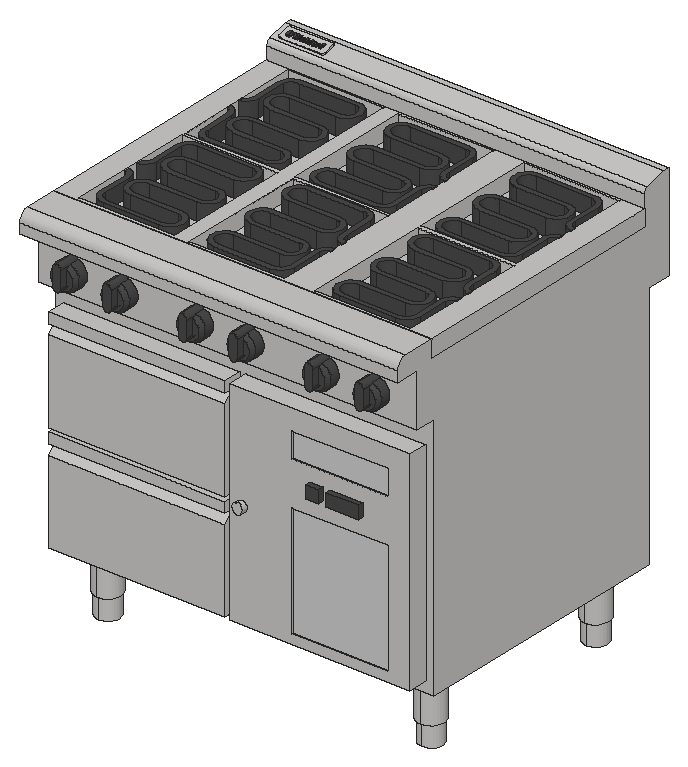
Revit family "QF_MOFFAT WALDORF_RNL8600E-RB", category Specialty Equipment, Revit 2012 (continued)
Automatic sketch dimensions
  Extrusion 1 to Split face 5 sketch curve = 5.177 mm
  Split face 5 sketch curve to Extrusion 1 = 9.153 mm
  Split face 5 sketch curve to Extrusion 1 = 354.563 mm
  Split face 5 sketch curve to Split face 5 sketch curve = 20.0 mm
  Extrusion 1 to Split face 6 sketch curve = 5.177 mm
  Split face 6 sketch curve to Extrusion 1 = 9.153 mm
  Split face 6 sketch curve to Extrusion 1 = 404.563 mm
  Split face 6 sketch curve to Split face 6 sketch curve = 20.0 mm
  Extrusion 1 to Split face 7 sketch curve = 5.177 mm
  Split face 7 sketch curve to Extrusion 1 = 9.153 mm
  Split face 7 sketch curve to Extrusion 1 = 445.437 mm
  Split face 7 sketch curve to Split face 7 sketch curve = 20.0 mm
  Extrusion 1 to Split face 8 sketch curve = 5.177 mm
  Split face 8 sketch curve to Extrusion 1 = 9.153 mm
  Split face 8 sketch curve to Extrusion 1 = 395.437 mm
  Split face 8 sketch curve to Split face 8 sketch curve = 20.0 mm
  Extrusion 1 to Split face 9 sketch curve = 5.177 mm
  Split face 9 sketch curve to Extrusion 1 = 9.153 mm
  Split face 9 sketch curve to Extrusion 1 = 345.437 mm
  Split face 9 sketch curve to Split face 9 sketch curve = 20.0 mm
  Extrusion 1 to Split face 10 sketch curve = 5.177 mm
  Split face 10 sketch curve to Extrusion 1 = 9.153 mm
  Split face 10 sketch curve to Extrusion 1 = 295.437 mm
  Split face 10 sketch curve to Split face 10 sketch curve = 20.0 mm
  Extrusion 1 to Split face 11 sketch curve = 5.177 mm
  Split face 11 sketch curve to Extrusion 1 = 9.153 mm
  Split face 11 sketch curve to Extrusion 1 = 245.437 mm
  Split face 11 sketch curve to Split face 11 sketch curve = 20.0 mm
  Extrusion 1 to Split face 12 sketch curve = 5.177 mm
  Split face 12 sketch curve to Extrusion 1 = 9.153 mm
  Split face 12 sketch curve to Extrusion 1 = 195.437 mm
  Split face 12 sketch curve to Split face 12 sketch curve = 20.0 mm
  Extrusion 14 sketch curve to Extrusion 1 = 0.0 mm  (x2)
  Extrusion 1 to Extrusion 14 sketch curve = 0.0 mm
  Extrusion 14 sketch curve to Extrusion 1 = 6.75 mm  (x3)
  Extrusion 14 sketch curve to Extrusion 14 sketch curve = 306.95 mm
  Extrusion 1 to Extrusion 14 sketch curve = 54.0 mm  (x2)
  Extrusion 14 sketch curve to Extrusion 14 sketch curve = 0.0 mm  (x6)
  Extrusion 14 sketch curve to Extrusion 14 sketch curve = 7.6 mm  (x3)
  Extrusion 1 to Extrusion 14 sketch curve = 6.75 mm  (x3)
  Extrusion 1 to Extrusion 14 sketch curve = 1.0 mm
  Extrusion 14 sketch curve to Extrusion 14 sketch curve = 228.75 mm  (x3)
  Extrusion 14 sketch curve to Extrusion 14 sketch curve = 34.5 mm
  Extrusion 14 sketch curve to Extrusion 14 sketch curve = 71.25 mm  (x2)
  Extrusion 15 sketch curve to Extrusion 15 sketch curve = 0.0 mm  (x104)
  Extrusion 1 to Extrusion 15 sketch curve = 20.503 mm  (x3)
  Extrusion 15 sketch curve to Extrusion 15 sketch curve = 11.997 mm  (x6)
  Extrusion 15 sketch curve to Extrusion 15 sketch curve = 19.532 mm  (x6)
  Extrusion 15 sketch curve to Extrusion 15 sketch curve = 0.24 mm  (x6)
  Extrusion 15 sketch curve to Extrusion 15 sketch curve = 0.931 mm  (x10)
  Extrusion 15 sketch curve to Extrusion 15 sketch curve = 0.01 mm  (x6)
  Extrusion 15 sketch curve to Extrusion 15 sketch curve = 21.7 mm  (x30)
  Extrusion 15 sketch curve to Extrusion 15 sketch curve = 0.002 mm  (x6)
  Extrusion 15 sketch curve to Extrusion 15 sketch curve = 70.811 mm  (x6)
  Extrusion 15 sketch curve to Extrusion 15 sketch curve = 0.447 mm  (x6)
  Extrusion 15 sketch curve to Extrusion 15 sketch curve = 0.12 mm  (x6)
  Extrusion 15 sketch curve to Extrusion 15 sketch curve = 19.01 mm  (x6)
  Extrusion 15 sketch curve to Extrusion 15 sketch curve = 12.303 mm  (x6)
  Extrusion 15 sketch curve to Extrusion 15 sketch curve = 21.593 mm  (x6)
  Extrusion 15 sketch curve to Extrusion 15 sketch curve = 12.315 mm  (x6)
  Extrusion 15 sketch curve to Extrusion 15 sketch curve = 18.52 mm  (x6)
  Extrusion 15 sketch curve to Extrusion 15 sketch curve = 0.133 mm  (x6)
  Extrusion 15 sketch curve to Extrusion 15 sketch curve = 0.5 mm  (x2)
  Extrusion 15 sketch curve to Extrusion 15 sketch curve = 19.152 mm  (x4)
  Extrusion 15 sketch curve to Extrusion 15 sketch curve = 20.704 mm  (x8)
  Extrusion 15 sketch curve to Extrusion 15 sketch curve = 0.239 mm  (x6)
  Extrusion 15 sketch curve to Extrusion 15 sketch curve = 16.003 mm  (x3)
  Extrusion 1 to Extrusion 15 sketch curve = 48.333 mm  (x2)
  Extrusion 1 to Extrusion 15 sketch curve = 48.512 mm  (x2)
  Extrusion 15 sketch curve to Extrusion 15 sketch curve = 0.004 mm  (x2)
  Extrusion 15 sketch curve to Extrusion 15 sketch curve = 5.484 mm  (x2)
  Extrusion 15 sketch curve to Extrusion 15 sketch curve = 5.667 mm  (x2)
  Extrusion 15 sketch curve to Extrusion 15 sketch curve = 20.701 mm  (x4)
  Extrusion 15 sketch curve to Extrusion 15 sketch curve = 0.001 mm  (x6)
  Extrusion 15 sketch curve to Extrusion 15 sketch curve = 41.7 mm  (x2)
  Extrusion 15 sketch curve to Extrusion 15 sketch curve = 20.999 mm
  Extrusion 15 sketch curve to Extrusion 15 sketch curve = 112.6 mm  (x5)
  Extrusion 15 sketch curve to Extrusion 15 sketch curve = 130.8 mm  (x2)
  Extrusion 15 sketch curve to Extrusion 15 sketch curve = 19.862 mm  (x4)
  Extrusion 15 sketch curve to Extrusion 15 sketch curve = 0.032 mm  (x2)
  Extrusion 15 sketch curve to Extrusion 15 sketch curve = 19.894 mm  (x2)
  Extrusion 15 sketch curve to Extrusion 15 sketch curve = 0.226 mm  (x4)
  Extrusion 15 sketch curve to Extrusion 15 sketch curve = 0.258 mm  (x4)
  Extrusion 15 sketch curve to Extrusion 15 sketch curve = 0.879 mm  (x8)
  Extrusion 15 sketch curve to Extrusion 15 sketch curve = 14.293 mm
  Extrusion 15 sketch curve to Extrusion 15 sketch curve = 133.7 mm
  Extrusion 15 sketch curve to Extrusion 15 sketch curve = 133.693 mm  (x2)
  Revolve 16 sketch curve to plane 9 "Base Height" = 0.0 mm
  Revolve 16 sketch curve to level = 0.0 mm
  level to Revolve 16 sketch curve = 50.0 mm
  plane 1 "BACK" to Revolve 16 sketch curve = 166.75 mm
  Revolve 16 sketch curve to Revolve 16 sketch curve = 4.25 mm
  Revolve 16 sketch curve to Revolve 16 sketch curve = 27.5 mm  (x2)
  Revolve 16 sketch curve to Revolve 16 sketch curve = 55.0 mm
  Revolve 16 sketch curve to Revolve 16 sketch curve = 0.0 mm
  Revolve 17 sketch curve to plane 9 "Base Height" = 0.0 mm
  Revolve 17 sketch curve to level = 0.0 mm
  level to Revolve 17 sketch curve = 50.0 mm
  Revolve 17 sketch curve to plane 5 "FRONT" = 148.25 mm
  Revolve 17 sketch curve to Revolve 17 sketch curve = 4.25 mm
  Revolve 17 sketch curve to Revolve 17 sketch curve = 27.5 mm  (x2)
  Revolve 17 sketch curve to Revolve 17 sketch curve = 55.0 mm
  Revolve 17 sketch curve to Revolve 17 sketch curve = 0.0 mm
  Revolve 18 sketch curve to plane 9 "Base Height" = 0.0 mm
  Revolve 18 sketch curve to level = 0.0 mm
  level to Revolve 18 sketch curve = 50.0 mm
  plane 1 "BACK" to Revolve 18 sketch curve = 166.75 mm
  Revolve 18 sketch curve to Revolve 18 sketch curve = 4.25 mm
  Revolve 18 sketch curve to Revolve 18 sketch curve = 27.5 mm  (x2)
  Revolve 18 sketch curve to Revolve 18 sketch curve = 0.0 mm
  Revolve 18 sketch curve to Revolve 18 sketch curve = 55.0 mm
  Revolve 19 sketch curve to plane 9 "Base Height" = 0.0 mm
  Revolve 19 sketch curve to level = 0.0 mm
  level to Revolve 19 sketch curve = 50.0 mm
  Revolve 19 sketch curve to plane 5 "FRONT" = 148.25 mm
  Revolve 19 sketch curve to Revolve 19 sketch curve = 4.25 mm
  Revolve 19 sketch curve to Revolve 19 sketch curve = 27.5 mm  (x2)
  Revolve 19 sketch curve to Revolve 19 sketch curve = 0.0 mm
  Revolve 19 sketch curve to Revolve 19 sketch curve = 55.0 mm
  Extrusion 22 sketch curve to Extrusion 21 = 34.46 mm  (x2)
  Extrusion 22 sketch curve to Extrusion 22 sketch curve = 30.0 mm  (x2)
  Extrusion 22 sketch curve to Extrusion 22 sketch curve = 0.0 mm
  Extrusion 21 to Extrusion 22 sketch curve = 43.926 mm
  Extrusion 22 sketch curve to Extrusion 22 sketch curve = 17.577 mm
  Extrusion 21 to Extrusion 22 sketch curve = 60.185 mm
  Extrusion 21 to Extrusion 23 sketch curve = 39.229 mm
  Extrusion 23 sketch curve to Extrusion 21 = 27.856 mm
  Extrusion 24 sketch curve to Extrusion 21 = 0.0 mm  (x6)
  Extrusion 21 to Extrusion 24 sketch curve = 0.0 mm  (x2)
  Extrusion 1 to Extrusion 21 sketch curve = 59.5 mm
  Extrusion 1 to Extrusion 21 sketch curve = 107.0 mm
  Extrusion 21 sketch curve to Extrusion 21 sketch curve = 60.0 mm
  Extrusion 21 sketch curve to Extrusion 21 sketch curve = 104.0 mm
  Extrusion 1 to Extrusion 21 sketch curve = 49.0 mm
  Extrusion 1 to Extrusion 21 sketch curve = 26.5 mm
  Extrusion 1 to Extrusion 21 sketch curve = 447.0 mm
  Extrusion 21 sketch curve to Extrusion 21 sketch curve = 148.0 mm
  Extrusion 21 sketch curve to Extrusion 21 sketch curve = 0.0 mm
  Extrusion 1 to Extrusion 21 sketch curve = 69.0 mm  (x2)
  Extrusion 1 to Extrusion 21 sketch curve = 19.0 mm
  Extrusion 1 sketch curve to plane 5 "FRONT" = 0.0 mm
  Extrusion 1 sketch curve to plane 10 = 0.0 mm
  Extrusion 1 sketch curve to plane 9 "Base Height" = 0.0 mm
  Extrusion 1 sketch curve to plane 6 "TOP" = 0.0 mm
  plane 1 "BACK" to Extrusion 1 sketch curve = 59.0 mm
  Extrusion 1 sketch curve to plane 5 "FRONT" = 24.0 mm
  Extrusion 1 sketch curve to plane 5 "FRONT" = 56.0 mm
  Extrusion 1 sketch curve to Extrusion 1 sketch curve = 44.0 mm
  Extrusion 1 sketch curve to Extrusion 1 sketch curve = 50.0 mm
  Extrusion 1 sketch curve to plane 6 "TOP" = 12.354 mm
  Extrusion 1 sketch curve to Extrusion 1 sketch curve = 8.894 mm
  Extrusion 1 sketch curve to Extrusion 1 sketch curve = 2.106 mm
  Extrusion 1 sketch curve to Extrusion 1 sketch curve = 3.106 mm
  plane 1 "BACK" to Extrusion 1 sketch curve = 15.0 mm
  Extrusion 1 sketch curve to Extrusion 1 sketch curve = 151.0 mm
  Extrusion 1 sketch curve to Extrusion 1 sketch curve = 25.0 mm
  Extrusion 1 sketch curve to plane 10 = 40.0 mm
  Extrusion 1 sketch curve to Extrusion 1 sketch curve = 126.0 mm
  Extrusion 1 sketch curve to plane 1 "BACK" = 0.0 mm
  Extrusion 20 sketch curve to Extrusion 1 = 20.313 mm
  Extrusion 20 sketch curve to Extrusion 1 = 143.724 mm
  radius of Extrusion 23 sketch curve = 12.395 mm
  radius of Extrusion 20 sketch curve = 6.35 mm
Nested families
  nested 1: "RNL8600E-RB-CASTERS" at (65, -135, 0), Show Casters <- "Show Casters", visible <- "Show Casters", type "RNL8600E-RB-CASTERS"
    with Type Mark "", Status "", Specification by User "", Show Casters no, Revision Code "", Item Number "", Installed By "", Identify Quantity as Lot yes, Furnished By "", Foodservice Equipment Identifier yes
  nested 2: "RNL8600E-RB-CASTERS" at (835, -135, 0), Show Casters <- "Show Casters", visible <- "Show Casters", type "RNL8600E-RB-CASTERS"
    with Type Mark "", Status "", Specification by User "", Show Casters no, Revision Code "", Item Number "", Installed By "", Identify Quantity as Lot yes, Furnished By "", Foodservice Equipment Identifier yes
  nested 3: "RNL8600E-RB-DOOR AND DRAWER" at (19, -699, 176.5), Show Door <- "Show Door", Show Drawer <- "Drawer", Drawer Clearance <- "Drawer Clearance", Door Clearance <- "Door Clearance", type "RNL8600E-RB-DOOR AND DRAWER"
    with Type Mark "", Status "", Specification by User "", Show Drawer yes, Show Door no, Revision Code "", Item Number "", Installed By "", Identify Quantity as Lot yes, Furnished By "", Foodservice Equipment Identifier yes, Drawer Clearance yes, Door Clearance no
  nested 4: "WALDORF LOGO_FACE BASE" at (12.043, -20.088, 968.637) x (1, 0, 0) z (0, -0.2588, 0.9659), visible <- "Show Logo", type "WALDORF LOGO_FACE BASE", detail levels medium+fine
    with Show Logo yes
Connectors
  electrical at (756.276, -38.687, 738.4), driven by "Volts", driven by "Watts"
    settings: on Extrusion 20, index 1, voltage 415 V, apparent load 14400 VA, apparent load phase1 0 VA, apparent load phase2 0 VA, apparent load phase3 0 VA, power factor 1, load classification "Other", number of poles 1, system type 30, power factor state 1, is connector primary yes, connector utility no, sub classification motor no, connector description "ELECTRICAL CONNECTION"
Definition of nested family "RNL8600E-RB-DOOR AND DRAWER"
  Parameters (values of type "GP8900G-RB-DOOR AND DRAWER")
    Weight in Pounds = 0
    URL Cutsheet = ""
    URL = ""
    Type Mark [instance] = ""
    Status [instance] = ""
    Specification by User [instance] = ""
    Specification by Manufacturer = ""
    Show Door [instance] = yes
    Serial Number = ""
    Seismic Rating = ""
    SMACNA No = ""
    Revision Code [instance] = ""
    Omniclass Number and Title = ""
    NAFEM Spec ID Number = ""
    Model = ""
    Masterspec = ""
    Manufacturer = ""
    Item Number [instance] = ""
    Installed By [instance] = ""
    Identify Quantity as Lot [instance] = yes
    Furnished By [instance] = ""
    Foodservice Equipment Identifier [instance] = yes
    Show Drawer [instance] = yes
    Drawer Clearance [instance] = yes
    Door Clearance [instance] = yes
    Description = ""
    CSI MasterFormat = ""
    CSI Master Format = ""
  Reference planes
    plane 1 "BACK": y = 0
    plane 2: z = 0
    plane 3 "LEFT": x = 0
    plane 4 "RIGHT": x = 420
    plane 5 "FRONT": y = -464.82
    plane 6 "TOP": z = 504
    plane 7 "Center Y": x = 210
    plane 8 "Center X": y = -232.41
    plane 9: x = 420
  Forms (mm)
    Extrusion 1, solid, material "QF_Finishes_Stainless Steel", visible <- "Show Drawer"
      sketch origin (-19, 702.18, -174) x (0, 1, 0) y (0, 0, 1)
        loop
          line (-747, 678) -> (-747, 653) -> (-722, 653) -> (-747, 628) -> (-747, 431) -> (-702.18, 431) -> (-702.18, 678) -> (-747, 678)
        loop
          line (-747, 421) -> (-747, 396) -> (-722, 396) -> (-747, 371) -> (-747, 174) -> (-702.18, 174) -> (-702.18, 421) -> (-747, 421)
      from 19 to 439
    Extrusion 2, solid, material "QF_Door-Drawer Clearances", visible <- "Drawer Clearance", detail levels coarse
      sketch origin (-19, -44.82, 257) x (0, 0, 1) y (-1, 0, 0)
        loop
          line (-257, -19) -> (-257, -439) -> (-10, -439) -> (-10, -19) -> (-257, -19)
        loop
          line (0, -19) -> (0, -439) -> (247, -439) -> (247, -19) -> (0, -19)
      from 0 to 304.8
    Extrusion 3, solid, material "QF_Finishes_Stainless Steel", visible <- "Show Door"
      sketch origin (-19, 702.18, -174) x (0, 1, 0) y (0, 0, 1)
        loop
          line (-748.15, 675.55) -> (-748.15, 658) -> (-723.95, 658) -> (-723.95, 648.15)
          arc (-723.95, 648.15) -> (-740.921, 641.121) -> (-747.95, 624.15) r 24
          line (-747.95, 624.15) -> (-747.95, 198)
          arc (-747.95, 198) -> (-740.921, 181.029) -> (-723.95, 174) r 24
          line (-723.95, 174) -> (-705.2, 174) -> (-705.2, 678) -> (-745.7, 678)
          arc (-745.7, 678) -> (-747.432, 677.282) -> (-748.15, 675.55) r 2.45
      from 19 to 439
    Extrusion 4, solid, material "QF_Door-Drawer Clearances", visible <- "Door Clearance", detail levels coarse
      sketch origin (-19, -8.47, 0) x (-1, 0, 0) y (0, 1, 0)
        loop
          line (-19, -36.35) -> (-439, -36.35)
          arc (-439, -36.35) -> (-315.985, -333.335) -> (-19, -456.35) r 420
          line (-19, -456.35) -> (-19, -36.35)
      from 0 to -504
  Lines and regions (mm)
    symbolic lines, style "QF_Door-Drawer Clearances", visible <- "Drawer Clearance"
      curve 1: line (0, -102.82, 150) -> (0, -349.62, 150)
      curve 2: line (420, -349.62, 150) -> (420, -104.62, 150)
      curve 5: line (0, -349.62, 0) -> (420, -349.62, 0)
    symbolic lines, style "QF_Door-Drawer Clearances", visible <- "Door Clearance"
      curve 3: line (58, -102.82, 150) -> (296.985, -341.805, 150)
      curve 4: arc (416.229, -100.977, 150) -> (376.388, -231.185, 150) -> (296.985, -341.805, 150) r 420
  Dimensions and locks
    equal spacing: plane 3 "LEFT", plane 7 "Center Y", plane 4 "RIGHT"
    plane 3 "LEFT" to plane 4 "RIGHT" = 420.0 mm
    equal spacing: plane 5 "FRONT", plane 8 "Center X", plane 1 "BACK"
    plane 5 "FRONT" to plane 1 "BACK" = 464.82 mm
    plane 6 "TOP" to level = 504.0 mm
    aligned and locked: level to plane 2
  Automatic sketch dimensions
    curve 4 to plane 3 "LEFT" = 0.0 mm
    curve 1 to plane 3 "LEFT" = 0.0 mm
    plane 4 "RIGHT" to curve 4 = 3.771 mm
    plane 7 "Center Y" to curve 3 = 86.985 mm
    curve 3 to curve 1 = 58.0 mm
    plane 1 "BACK" to curve 4 = 44.82 mm
    plane 1 "BACK" to curve 4 = 100.977 mm
    curve 4 to curve 3 = 58.0 mm
    curve 1 to curve 3 = 0.0 mm
    curve 4 to curve 2 = 3.643 mm
    Extrusion 1 sketch curve to level = 0.0 mm
    Extrusion 1 sketch curve to plane 1 "BACK" = 0.0 mm  (x2)
    plane 1 "BACK" to Extrusion 1 sketch curve = 19.82 mm  (x2)
    Extrusion 1 sketch curve to Extrusion 1 sketch curve = 25.0 mm  (x6)
    Extrusion 1 sketch curve to Extrusion 1 sketch curve = 0.0 mm
    Extrusion 1 sketch curve to Extrusion 1 sketch curve = 44.82 mm
    level to Extrusion 1 sketch curve = 197.0 mm
    Extrusion 1 sketch curve to Extrusion 1 sketch curve = 10.0 mm
    Extrusion 1 sketch curve to Extrusion 1 sketch curve = 197.0 mm
    Extrusion 1 to Extrusion 2 sketch curve = 0.0 mm  (x4)
    Extrusion 2 sketch curve to Extrusion 1 = 0.0 mm
    Extrusion 1 to Extrusion 2 sketch curve = 222.0 mm
    Extrusion 2 sketch curve to Extrusion 2 sketch curve = 10.0 mm
    Extrusion 2 sketch curve to Extrusion 2 sketch curve = 247.0 mm
    Extrusion 3 sketch curve to level = 0.0 mm
    plane 1 "BACK" to Extrusion 3 sketch curve = 45.97 mm
    Extrusion 3 sketch curve to Extrusion 3 sketch curve = 0.2 mm
    Extrusion 3 sketch curve to Extrusion 3 sketch curve = 2.45 mm
    plane 1 "BACK" to Extrusion 3 sketch curve = 21.77 mm  (x2)
    plane 1 "BACK" to Extrusion 3 sketch curve = 3.02 mm
    Extrusion 3 sketch curve to Extrusion 3 sketch curve = 426.15 mm
    Extrusion 3 sketch curve to Extrusion 3 sketch curve = 9.85 mm
    Extrusion 3 sketch curve to Extrusion 3 sketch curve = 17.55 mm
    Extrusion 4 sketch curve to Extrusion 3 = 0.0 mm  (x2)
    Extrusion 3 to Extrusion 4 sketch curve = 23.05 mm
    curve 2 to plane 4 "RIGHT" = 0.0 mm
    curve 1 to plane 5 "FRONT" = 115.2 mm
    curve 2 to plane 5 "FRONT" = 115.2 mm
Definition of nested family "WALDORF LOGO_FACE BASE"
  Parameters (values of type "WALDORF LOGO_FACE BASE")
    Show Logo [instance] = yes
    Default Elevation = 1219.2 mm
  Reference planes
    plane 1 "Center (Front/Back)": y = 0
    plane 2: z = 0
    plane 3 "Center (Left/Right)": x = 0
  Forms (mm)
    Extrusion 1, solid
      sketch origin (0, 0, 0) x (1, 0, 0) y (0, 1, 0)
        loop
          line (-1219.2, 1219.2) -> (-1219.2, -1219.2) -> (1219.2, -1219.2) -> (1219.2, 1219.2) -> (-1219.2, 1219.2)
      from 0 to -304.8
    Extrusion 2, solid, material "QF_Finishes_Stainless Steel", visible <- "Show Logo"
      sketch origin (0, -33.217, 0) x (1, 0, 0) y (0, 1, 0)
        loop
          arc (5, 34.14) -> (1.464, 32.676) -> (0, 29.14) r 5
          line (0, 29.14) -> (0, 5)
          arc (0, 5) -> (1.464, 1.464) -> (5, 0) r 5
          line (5, 0) -> (104, 0)
          arc (104, 0) -> (107.536, 1.464) -> (109, 5) r 5
          line (109, 5) -> (109, 29.14)
          arc (109, 29.14) -> (107.536, 32.676) -> (104, 34.14) r 5
          line (104, 34.14) -> (5, 34.14)
      from 0 to 1.588
    Extrusion 3, solid, material "QF_Finishes_Black", visible <- "Show Logo"
      sketch origin (0, -33.217, 1.588) x (1, 0, 0) y (0, 1, 0)
        loop
          line (24.772, 23.214) -> (27.992, 10.301) -> (31.551, 10.301) -> (33.443, 17.364) -> (35.205, 10.301) -> (39.332, 10.301) -> (42.077, 23.214) -> (38.352, 23.214) -> (36.676, 15.33) -> (35, 23.214) -> (31.752, 23.214) -> (30.076, 15.33) -> (28.4, 23.214) -> (24.772, 23.214)
        loop
          line (42.272, 17.055) -> (45.703, 17.055)
          spline (45.703, 17.055) -> (45.741, 17.285) -> (45.852, 17.499) -> (46.028, 17.682) -> (46.258, 17.823) -> (46.526, 17.912) -> (46.813, 17.942) -> (47.1, 17.912) -> (47.368, 17.823) -> (47.597, 17.682) -> (47.774, 17.499) -> (47.884, 17.285) -> (47.922, 17.055)
          line (47.922, 17.055) -> (47.922, 16.222)
          arc (47.922, 16.222) -> (45.742, 16.014) -> (43.665, 15.317) r 9.604
          arc (43.665, 15.317) -> (41.924, 12.809) -> (43.665, 10.301) r 2.677
          arc (43.665, 10.301) -> (45.527, 10.353) -> (47.332, 10.816) r 8.365
          line (47.332, 10.816) -> (48.092, 11.105) -> (48.092, 10.301) -> (51.817, 10.301) -> (51.817, 17.055)
          spline (51.817, 17.055) -> (51.654, 17.821) -> (51.178, 18.535) -> (50.419, 19.148) -> (49.431, 19.619) -> (48.28, 19.914) -> (47.044, 20.015) -> (45.809, 19.914) -> (44.658, 19.619) -> (43.67, 19.148) -> (42.911, 18.535) -> (42.434, 17.821) -> (42.272, 17.055)
        loop
          line (53.151, 23.214) -> (53.151, 10.301) -> (57.37, 10.301) -> (57.37, 23.214) -> (53.151, 23.214)
        loop
          line (64.874, 23.214) -> (64.874, 18.857)
          arc (64.874, 18.857) -> (58.083, 15.11) -> (64.874, 11.363) r 4.429
          line (64.874, 11.363) -> (64.874, 10.301) -> (68.378, 10.301) -> (68.378, 23.214) -> (64.874, 23.214)
        loop
          arc (64.874, 16.083) -> (61.41, 14.987) -> (64.874, 13.891) r 1.905
          line (64.874, 13.891) -> (64.874, 16.083)
        loop
          circle (74.623, 15.223) r 5
        loop
          spline (74.623, 17.856) -> (74.355, 17.766) -> (74.105, 17.503) -> (73.891, 17.084) -> (73.726, 16.539) -> (73.623, 15.904) -> (73.588, 15.223) -> (73.623, 14.541) -> (73.726, 13.906) -> (73.891, 13.361) -> (74.105, 12.942) -> (74.355, 12.679) -> (74.623, 12.59)
          spline (74.623, 12.59) -> (74.891, 12.679) -> (75.141, 12.942) -> (75.355, 13.361) -> (75.52, 13.906) -> (75.623, 14.541) -> (75.659, 15.223) -> (75.623, 15.904) -> (75.52, 16.539) -> (75.355, 17.084) -> (75.141, 17.503) -> (74.891, 17.766) -> (74.623, 17.856)
        loop
          line (81.255, 19.813) -> (81.255, 10.301) -> (84.834, 10.301) -> (84.834, 14.176)
          arc (84.834, 14.176) -> (85.854, 16.093) -> (88.013, 16.32) r 2.313
          line (88.013, 16.32) -> (88.013, 19.813) -> (87.161, 19.813)
          arc (87.161, 19.813) -> (85.526, 19.266) -> (84.549, 17.844) r 2.717
          line (84.549, 17.844) -> (84.549, 19.813) -> (81.255, 19.813)
        loop
          line (90.249, 19.813) -> (88.91, 19.813) -> (88.91, 17.614) -> (90.249, 17.614) -> (90.249, 10.301) -> (93.998, 10.301) -> (93.998, 17.614) -> (95.418, 17.614) -> (95.418, 19.813) -> (93.998, 19.813)
          arc (93.998, 19.813) -> (94.414, 20.817) -> (95.418, 21.233) r 1.42
          line (95.418, 21.233) -> (95.418, 23.602) -> (93.317, 23.602)
          arc (93.317, 23.602) -> (91.343, 22.903) -> (90.249, 21.118) r 3.137
          line (90.249, 21.118) -> (90.249, 19.813)
        loop
          arc (15.241, 23.571) -> (8.392, 16.525) -> (15.241, 9.479) r 7.049
          line (15.241, 9.479) -> (15.241, 23.571)
        loop
          line (15.641, 23.571) -> (15.641, 9.479)
          arc (15.641, 9.479) -> (22.49, 16.525) -> (15.641, 23.571) r 7.049
        loop
          arc (47.922, 14.711) -> (46.266, 13.749) -> (47.922, 12.787) r 1.107
          line (47.922, 12.787) -> (47.922, 14.711)
      from 0 to 0.2
  Dimensions and locks
    aligned and locked: plane 2 to Extrusion 1
    aligned and locked: level to Extrusion 1
Definition of nested family "RNL8600E-RB-CASTERS"
  Parameters (values of type "BTL8450-CB-CASTERS")
    Weight = ""
    URL Manufacturer = ""
    URL Cutsheet = ""
    URL = ""
    Type Mark [instance] = ""
    Status [instance] = ""
    Specification by User [instance] = ""
    Specification by Manufacturer = ""
    Show Casters [instance] = no
    Serial Number = ""
    Seismic Rating = ""
    SMACNA No = ""
    Revision Code [instance] = ""
    Omniclass Number and Title = ""
    NAFEM Spec ID Number = ""
    Model = ""
    MasterSpec. = ""
    Manufacturer = ""
    Item Number [instance] = ""
    Installed By [instance] = ""
    Identify Quantity as Lot [instance] = yes
    Furnished By [instance] = ""
    Foodservice Equipment Identifier [instance] = yes
    Description = ""
    CSI MasterFormat = ""
    CSI Master Format = ""
    Assembly Code = ""
  Reference planes
    plane 1: z = 0
    plane 2 "RIGHT": x = 0
    plane 3 "FRONT": y = 0
    plane 4 "TOP": z = 177.8
  Forms (mm)
    Revolve 1, solid, material "QF_Finishes_Stainless Steel", visible <- "Show Casters"
      sketch origin (0, 56.335, 0) x (0, 1, 0) y (0, 0, 1)
        loop
          line (-56.335, 152.4) -> (-56.335, 141.118) -> (-23.798, 141.118) -> (-23.798, 152.4) -> (-56.335, 152.4)
        axis (-56.335, 141.118) -> (-56.335, 152.4)
      angle from 0 to 360
    Extrusion 2, solid, material "QF_Finishes_Stainless Steel", visible <- "Show Casters"
      sketch origin (-46.049, 56.335, 0) x (0, 1, 0) y (0, 0, 1)
        loop
          line (-85.799, 141.118) -> (-85.799, 133.498) -> (-82.136, 133.498)
          arc (-82.136, 133.498) -> (-79.344, 132.328) -> (-77.146, 130.248) r 8.432
          line (-77.146, 130.248) -> (-39.502, 49.52)
          arc (-39.502, 49.52) -> (-13.784, 46.107) -> (-5.673, 70.75) r 20.32
          arc (-5.673, 70.75) -> (-7.065, 73.611) -> (-8.887, 76.22) r 20.32
          arc (-8.887, 76.22) -> (-9.399, 85.377) -> (-6.626, 94.119) r 25.4
          line (-6.626, 94.119) -> (8.003, 121.632)
          arc (8.003, 121.632) -> (-2.347, 126.31) -> (-13.34, 129.167) r 66.802
          line (-13.34, 129.167) -> (-13.765, 133.498) -> (-26.871, 133.498) -> (-26.871, 141.118) -> (-85.799, 141.118)
      from 20.058 to 22.923
    Extrusion 3, solid, material "QF_Finishes_Stainless Steel", visible <- "Show Casters"
      sketch origin (3.326, 56.335, 0) x (0, 1, 0) y (0, 0, 1)
        loop
          line (-85.799, 141.118) -> (-85.799, 133.498) -> (-82.136, 133.498)
          arc (-82.136, 133.498) -> (-79.344, 132.328) -> (-77.146, 130.248) r 8.432
          line (-77.146, 130.248) -> (-39.502, 49.52)
          arc (-39.502, 49.52) -> (-13.784, 46.107) -> (-5.673, 70.75) r 20.32
          arc (-5.673, 70.75) -> (-7.065, 73.611) -> (-8.887, 76.22) r 20.32
          arc (-8.887, 76.22) -> (-9.399, 85.377) -> (-6.626, 94.119) r 25.4
          line (-6.626, 94.119) -> (8.003, 121.632)
          arc (8.003, 121.632) -> (-2.347, 126.31) -> (-13.34, 129.167) r 66.802
          line (-13.34, 129.167) -> (-13.765, 133.498) -> (-26.871, 133.498) -> (-26.871, 141.118) -> (-85.799, 141.118)
      from 20.058 to 22.923
    Extrusion 4, solid, material "QF_Finishes_Stainless Steel", visible <- "Show Casters"
      sketch origin (-49.224, 56.335, 0) x (0, 1, 0) y (0, 0, 1)
        loop
          line (-85.799, 141.118) -> (-85.799, 133.498) -> (-82.136, 133.498) -> (-18.877, 127.964) -> (7.14, 120.01) -> (8.003, 121.632)
          arc (8.003, 121.632) -> (-2.347, 126.31) -> (-13.34, 129.167) r 66.802
          line (-13.34, 129.167) -> (-13.765, 133.498) -> (-26.871, 133.498) -> (-26.871, 141.118) -> (-85.799, 141.118)
      from 26.098 to 72.56
    Revolve 5, solid, material "QF_Finishes_Stainless Steel", visible <- "Show Casters"
      sketch origin (-49.224, 30.821, 0) x (1, 0, 0) y (0, 0, 1)
        loop
          line (14.841, 63.604) -> (83.584, 63.604) -> (83.584, 67.109) -> (82.314, 68.379) -> (80.79, 68.379) -> (80.79, 71.826) -> (68.644, 71.826) -> (68.644, 81.79) -> (65.088, 83.843) -> (61.683, 104.879) -> (65.881, 104.879) -> (65.881, 111.229) -> (65.088, 111.229) -> (65.088, 117.579)
          arc (65.088, 117.579) -> (62.298, 124.314) -> (55.563, 127.104) r 9.525
          line (55.563, 127.104) -> (42.863, 127.104)
          arc (42.863, 127.104) -> (36.127, 124.314) -> (33.338, 117.579) r 9.525
          line (33.338, 117.579) -> (33.338, 111.229) -> (32.544, 111.229) -> (32.544, 104.879) -> (36.742, 104.879) -> (33.352, 83.932) -> (29.782, 81.871) -> (29.782, 71.826) -> (17.635, 71.826) -> (17.635, 68.379) -> (16.111, 68.379) -> (14.841, 67.109) -> (14.841, 63.604)
        axis (14.841, 63.604) -> (83.584, 63.604)
      angle from 0 to 360
  Cuts and joins
    joined: Extrusion 2, Extrusion 3, Extrusion 4
  Lines and regions (mm)
    symbolic lines, style "SpecialityEquipmentHiddenLines", visible <- "Show Casters"
      curve 1: line (18.009, 67.053, 0) -> (45.595, 51.127, 0)
      curve 2: line (-45.491, -42.932, 0) -> (18.009, 67.053, 0)
      curve 3: line (-17.905, -58.859, 0) -> (-45.491, -42.932, 0)
      curve 4: line (45.595, 51.127, 0) -> (-17.905, -58.859, 0)
  Dimensions and locks
    plane 4 "TOP" to level = 177.8 mm  (x2)
    Revolve 5 sketch curve to Revolve 5 sketch curve = 63.5 mm
    aligned and locked: level to plane 1
